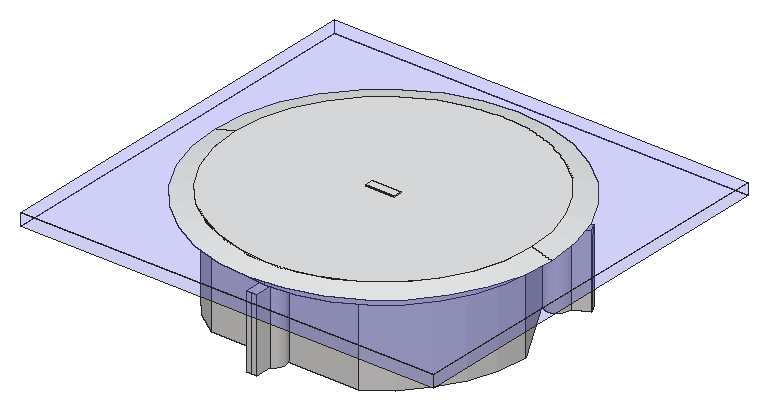
Revit family "AD-C6T-LP", category Communication Devices, host Face, Revit 2014
Parameters (values of type "AC-C6T-LP")
  Width = Grille Radius Base * 2  # 340 mm
  Weight Product (lb) = 9.3
  Weight Product (kg) = 4.2
  Weight Dimensional (lb) = 14.65
  Weight Dimensional (kg) = 6.65
  URL = ""
  Sensitivity = 89.9
  SPL Max = 113.6
  Regulatory Compliance = "EN54-24, UL1480, UL2043, NFPA90, NFPA70, UL1876, ROHS, C-TICK X000, CE."
  Product Page URL = ""
  Product Documentation Link = ""
  Power Handling = 120
  Model = "AD-C6T-LP"
  Middle Radius = 150 mm
  Middle Depth = 16 mm
  Manufacturer URL = "www.qscaudio.com"
  Manufacturer = "QSC Audio Products, LLC"
  Logo Material [instance] = White Powder Coated Finish
  Impedance = 16
  Grille Radius Extent = 150 mm
  Grille Radius Base = 170 mm
  Grille Material [instance] = White Powder Coated Mesh
  Grille Depth = 5 mm
  Enclosure Radius = 145 mm
  Enclosure Depth = 80 mm
  Description = "6.5\" Coaxial Two-way Low Profile Loudspeaker"
  Depth = Grille Depth + Middle Depth + Enclosure Depth  # 101 mm
  Default Elevation = 0 mm
  Coverage Vertical = 105.00°
  Coverage Horizontal = 105.00°
  70V Taps = "7.5, 15, 30, 60"
  100V Taps = "15, 30, 60"
Reference planes
  plane 1 "Center (Front/Back)": y = 0
  plane 2: z = 0
  plane 3 "Center (Left/Right)": x = 0
  plane 4 "Grill Extent": z = 5
  plane 5 "Enclosure Extent": z = -96
  plane 6 "Middle Extent": z = -16
Forms (mm)
  Extrusion 1, solid, material "Glass"
    sketch origin (0, 0, 0) x (1, 0, 0) y (0, 1, 0)
      loop
        line (-205.641, 195.286) -> (-205.641, -202.341) -> (212.414, -202.341) -> (212.414, 195.286) -> (-205.641, 195.286)
    from 0 to -12.576
  Extrusion 2, solid, material "Steel"
    sketch origin (0, 0, -16) x (0, 1, 0) y (-1, 0, 0)
      loop
        circle (0, 0) r 150
    from 0 to 16 <- "Middle Depth"
  Extrusion 3, solid, material "Steel"
    sketch origin (0, 0, -96) x (0, 1, 0) y (-1, 0, 0)
      loop
        circle (0, 0) r 145
    from 0 to 80 <- "Enclosure Depth"
  Blend 4, solid, material "White Powder Coated Mesh" <- "Grille Material"
    base sketch origin (0, 0, 0) x (1, 0, 0) y (0, 1, 0)
      loop
        circle (0, 0) r 170
    top sketch origin (0, 0, 0) x (1, 0, 0) y (0, 1, 0)
      loop
        circle (0, 0) r 150
    from 0 to 5 <- "Grille Depth"
  Extrusion 5, solid, material "White Powder Coated Finish" <- "Logo Material"
    sketch origin (-182.677, -24.318, 5) x (0, 1, 0) y (-1, 0, 0)
      loop
        arc (28.268, -168.392) -> (28.119, -168.033) -> (27.76, -167.884) r 0.508
        line (27.76, -167.884) -> (20.111, -167.884)
        arc (20.111, -167.884) -> (19.752, -168.033) -> (19.603, -168.392) r 0.508
        line (19.603, -168.392) -> (19.603, -196.527)
        arc (19.603, -196.527) -> (19.752, -196.887) -> (20.111, -197.035) r 0.508
        line (20.111, -197.035) -> (27.76, -197.035)
        arc (27.76, -197.035) -> (28.119, -196.887) -> (28.268, -196.527) r 0.508
        line (28.268, -196.527) -> (28.268, -168.392)
    from 0 to 0.794
  Extrusion 6, void
    sketch origin (0, 0, -96) x (0, 1, 0) y (-1, 0, 0)
      loop
        line (149.284, -57.477) -> (-25.556, -158.422) -> (149.284, -158.422) -> (149.284, -57.477)
      loop
        line (149.284, 57.477) -> (149.284, 158.422) -> (-25.556, 158.422) -> (149.284, 57.477)
      loop
        line (-124.419, 98.422) -> (-184.419, 98.422) -> (-184.419, -101.578) -> (-124.419, -101.578) -> (-124.419, 98.422)
    from 0 to 80 <- "Enclosure Depth"
  Extrusion 7, solid, material "Steel"
    sketch origin (0, 0, -16) x (0, 1, 0) y (-1, 0, 0)
      loop
        line (-166.919, -5) -> (-149.828, -5)
        arc (-149.828, -5) -> (-126.919, 0) -> (-149.828, 5) r 12
        line (-149.828, 5) -> (-166.919, 5) -> (-166.919, 0) -> (-166.919, -5)
      loop
        line (87.79, -142.056) -> (79.244, -127.255)
        arc (79.244, -127.255) -> (63.459, -109.915) -> (70.584, -132.255) r 12
        line (70.584, -132.255) -> (79.129, -147.056) -> (83.459, -144.556) -> (87.79, -142.056)
      loop
        line (79.129, 147.056) -> (70.584, 132.255)
        arc (70.584, 132.255) -> (63.459, 109.915) -> (79.244, 127.255) r 12
        line (79.244, 127.255) -> (87.79, 142.056) -> (83.459, 144.556) -> (79.129, 147.056)
    from 0 to -73
Cuts and joins
  Extrusion 6 cuts Extrusion 2
  Extrusion 6 cuts Extrusion 3
Lines and regions (mm)
  model lines
    curve 1: line (1.937, -1.546, 5.794) -> (-0.28, 1.374, 5.794)
    curve 2: line (-0.28, 1.374, 5.794) -> (1.937, -1.546, 5.794)
    curve 3: line (-8.315, -1.182, 5.794) -> (-7.478, 1.831, 5.794)
    curve 4: line (-7.478, 1.831, 5.794) -> (-8.315, -1.182, 5.794)
    curve 5: line (-6.916, -3.176, 5.794) -> (-7.541, 2.398, 5.794)
    curve 6: line (-7.541, 2.398, 5.794) -> (-6.916, -3.176, 5.794)
    curve 7: line (4.904, 0.724, 5.794) -> (6.881, -0.728, 5.794)
    curve 8: line (6.881, -0.728, 5.794) -> (4.904, 0.724, 5.794)
Dimensions and locks
  "Grille Depth": plane 4 "Grill Extent" to plane 2
  "Middle Depth": plane 6 "Middle Extent" to plane 2
  "Enclosure Depth": plane 5 "Enclosure Extent" to plane 6 "Middle Extent"
  "Middle Radius": radius of Extrusion 2 sketch curve
  "Enclosure Radius": radius of Extrusion 3 sketch curve
  "Grille Radius Base": radius of Blend 4 sketch curve
  "Grille Radius Extent": radius of Blend 4 sketch curve
  aligned and locked: plane 2 to Extrusion 1
  aligned and locked: level to Extrusion 1
  aligned and locked: Blend 4 to plane 2
Automatic sketch dimensions
  Extrusion 1 sketch curve to Extrusion 1 sketch curve = 418.056 mm
  Extrusion 1 sketch curve to Extrusion 1 sketch curve = 397.626 mm
  plane 1 "Center (Front/Back)" to Extrusion 2 sketch curve = 0 mm
  Extrusion 2 sketch curve to plane 3 "Center (Left/Right)" = 0 mm
  plane 1 "Center (Front/Back)" to Extrusion 3 sketch curve = 0 mm
  Extrusion 3 sketch curve to plane 3 "Center (Left/Right)" = 0 mm
  plane 1 "Center (Front/Back)" to Blend 4 sketch curve = 0 mm  (x2)
  Blend 4 sketch curve to plane 3 "Center (Left/Right)" = 0 mm  (x2)
  plane 1 "Center (Front/Back)" to Extrusion 5 sketch curve = 4.714 mm
  Extrusion 5 sketch curve to Extrusion 5 sketch curve = 0.508 mm  (x3)
  Extrusion 5 sketch curve to Extrusion 5 sketch curve = 7.649 mm  (x2)
  plane 3 "Center (Left/Right)" to Extrusion 5 sketch curve = 14.359 mm
  Extrusion 5 sketch curve to Extrusion 5 sketch curve = 28.136 mm
  curve 6 to Extrusion 5 = 1.538 mm
  curve 5 to curve 6 = 0 mm  (x3)
  curve 1 to Extrusion 5 = 3.168 mm
  curve 2 to curve 1 = 0 mm  (x3)
  curve 6 to curve 4 = 1.994 mm
  curve 3 to curve 4 = 0 mm  (x3)
  curve 7 to Extrusion 5 = 3.986 mm
  curve 8 to curve 7 = 0 mm  (x3)
  curve 8 to curve 7 = 1.452 mm
  curve 1 to Extrusion 5 = 2.576 mm
  curve 3 to curve 6 = 0.568 mm
  curve 8 to Extrusion 5 = 7.478 mm
  curve 7 to curve 8 = 0 mm
  curve 8 to curve 7 = 1.976 mm
  curve 7 to curve 2 = 2.968 mm
  curve 1 to curve 2 = 0 mm
  curve 1 to curve 1 = 2.216 mm
  curve 6 to Extrusion 5 = 7.876 mm
  curve 5 to curve 4 = 0.561 mm
  curve 3 to curve 5 = 0.064 mm
  curve 6 to curve 5 = 0 mm
  curve 6 to curve 4 = 1.399 mm
  Extrusion 6 sketch curve to plane 3 "Center (Left/Right)" = 98.422 mm
  Extrusion 6 sketch curve to Extrusion 6 sketch curve = 60 mm  (x2)
  plane 1 "Center (Front/Back)" to Extrusion 6 sketch curve = 25.556 mm  (x2)
  Extrusion 6 sketch curve to plane 1 "Center (Front/Back)" = 149.284 mm
  Extrusion 6 sketch curve to plane 3 "Center (Left/Right)" = 57.477 mm
  Extrusion 6 sketch curve to Extrusion 6 sketch curve = 56.843 mm
  Extrusion 6 sketch curve to Extrusion 6 sketch curve = 98.863 mm
  plane 3 "Center (Left/Right)" to Extrusion 6 sketch curve = 57.477 mm
  Extrusion 6 sketch curve to Extrusion 6 sketch curve = 0 mm
  Extrusion 6 sketch curve to Extrusion 6 sketch curve = 100.944 mm
  Extrusion 7 sketch curve to plane 3 "Center (Left/Right)" = 0 mm  (x2)
  plane 3 "Center (Left/Right)" to Extrusion 7 sketch curve = 5 mm
  plane 1 "Center (Front/Back)" to Extrusion 7 sketch curve = 166.919 mm
  Extrusion 7 sketch curve to Extrusion 7 sketch curve = 17.091 mm
  Extrusion 7 sketch curve to plane 3 "Center (Left/Right)" = 5 mm
  Extrusion 7 sketch curve to Extrusion 7 sketch curve = 10.909 mm
  Extrusion 7 sketch curve to plane 1 "Center (Front/Back)" = 69.459 mm  (x2)
  Extrusion 7 sketch curve to Extrusion 7 sketch curve = 1.124 mm  (x2)
  Extrusion 7 sketch curve to Extrusion 7 sketch curve = 8.546 mm  (x2)
  Extrusion 7 sketch curve to Extrusion 7 sketch curve = 8.66 mm  (x2)
  Extrusion 7 sketch curve to Extrusion 7 sketch curve = 4.33 mm  (x4)
  plane 3 "Center (Left/Right)" to Extrusion 7 sketch curve = 120.307 mm
  Extrusion 7 sketch curve to Extrusion 7 sketch curve = 6.947 mm  (x2)
  Extrusion 7 sketch curve to Extrusion 7 sketch curve = 14.801 mm  (x2)
  Extrusion 7 sketch curve to plane 3 "Center (Left/Right)" = 120.307 mm
Connectors
  electrical at (0, 0, -96)
    settings: on Extrusion 3, index 2, voltage 0 V, apparent load 0 VA, apparent load phase1 0 VA, apparent load phase2 0 VA, apparent load phase3 0 VA, power factor 1, load classification "Other", number of poles 1, system type 14, power factor state 1, is connector primary yes, connector utility no, sub classification motor no, connector description "Speaker"
